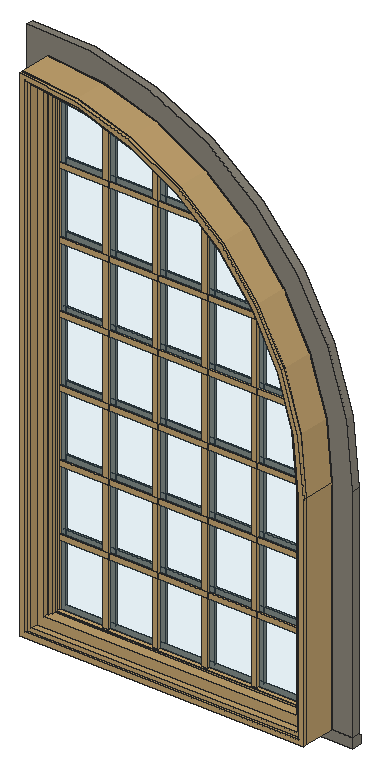
Revit family
Parameters (values of type "CUCART4072")
  Window Type = "Clad Ultimate Casement Round Top RT9"
  URL = "www.marvin.com"
  Subsill Height_2 = if(Subsill A217, 0' 1 11/32", 0' 0 9/16")  # 0' - 1 11/32"
  Subsill Height = if(Subsill A217 Visibility, 0' 1 11/32", if(Subsill A246 Visibility, 0' 0 9/16", 0' 0"))  # 0' - 1 11/32"
  Subsill A246 Visibility = and(Subsill Visibility, Subsill A246)  # no
  Subsill A217 Visibility = and(Subsill Visibility, Subsill A217)  # yes
  Plan Swing Angle [instance] = 15.00°
  Muntins Interior Visibility = yes
  Muntins Interior Material = Wood-Marvin-Pine
  Muntins Exterior Visibility = yes
  Muntins Exterior Material = Aluminum-Marvin-Bronze
  Mask Offset [instance] = if(Inset to Installation Flange = 0' 1 3/32", 0' 0 1/32", 0' 0")  # 0' - 0"
  Lites Wide = 5
  Lites High = 7
  Label Egress = if(and(Width > 2' 3 1/8", Height > 5' 11"), "EGRESS WDW", "")  # "EGRESS WDW"
  Interior Material = Wood-Marvin-Pine
  Frame = "Aluminum Clad"
  Flat Casing Visibility = and(Casing Visibility, Flat Casing)  # yes
  Egress Window = "No"
  Design Pressure = "DP50"
  Daylight Area = (3.1416 * DLO Radius ^ 2) / 4 + ((DLO Height - DLO Radius) * DLO Width) - (0' 2 29/32" * DLO Radius)  # 13.4555 SF
  Cladding Material = Aluminum-Marvin-Bronze
  Casing Width_2 = if(BMC, 0' 1 5/16", 0' 3")  # 0' - 3"
  Casing Visibility = yes
  Subsill Visibility = yes
  Bulge = Radius - (Radius / sqrt(2))  # 0' - 11.71573"
  BMC Visibility = and(Casing Visibility, BMC)  # no
  BMC = no
  Flat Casing = not(BMC)  # yes
  Subsill A246 = no
  Subsill A217 = not(Subsill A246)  # yes
  Plan Swing Visibility [instance] = yes
  Glazing Material = Glass-Marvin-IG Low E II with Argon
  Springline = Height - Radius  # 2' - 7 1/8"
  Radius = Width  # 3' - 4"
  Nominal Width = 3' - 4"
  Nominal Height = 6' - 0"
  Model = "CUCART4072"
  Mask [instance] = Inset to Installation Flange > 0' 1 3/32"  # no
  Manufacturer = "Marvin Windows and Doors"
  Label Visibility = no
  Glass Type = "IG Low E II with Argon"
  Family created by = "www.rbuiltcomponents.com"
  Rough Width = Width + 0' 1"  # 3' - 5"
  Rough Height = Height + 0' 0 1/2"  # 5' - 11 5/8"
  Jamb Extension Visibility = yes
  Inset to Installation Flange [instance] = 0' - 1"
  Height = Nominal Height - 0' 0 7/8"  # 5' - 11 1/8"
  Elev Swing Visibility [instance] = yes
  Description = "4072 CSMT RT9"
  Default Head Height = 8' - 0"
  Wall Closure = (empty or 0)
  Width = Nominal Width  # 3' - 4"
  DLO Radius = Radius - 0' 2 29/32"  # 3' - 1 3/32"
  DLO Width = Width - 0' 5 13/16"  # 2' - 10 3/16"
  DLO Height = Height - 0' 5 13/16"  # 5' - 5 5/16"
  Casing Width = if(BMC Visibility, 0' 1 5/16", if(Flat Casing Visibility, 0' 3", 0' 0"))  # 0' - 3"
  Casing Radius = Radius + Casing Width  # 3' - 7"
  Assembly Code = ""
Reference planes (in)
  plane 1 "Center (Front/Back)": y = 0
  plane 2: z = 0
  plane 3 "Center (Left/Right)": x = -3
  plane 4 "Left": x = -23
  plane 5 "Right": x = 17
  plane 6 "Sill": z = 24.875
  plane 7 "Top": z = 96
  plane 8 "Inset": y = 2
  plane 9 "Glazing": y = 1.53125
  plane 10 "Jamb Ext Face": y = -2.5625
  plane 11: z = 56
  plane 12: z = 60.4375
  plane 13: y = -2.59375
Forms (in)
  Sweep 1, solid, material "Wood-Marvin-Pine" <- "Interior Material"
    path origin (0, 2, 0) x (1, 0, 0) y (0, 0, 1)
      loop
        line (-23, 96) -> (-23, 24.875) -> (17, 24.875) -> (17, 56)
        arc (17, 56) -> (5.28427, 84.28427) -> (-23, 96) r 40
    profile "Profile_Ext_Clad_Frame : Profile_Ext_Clad_Frame" origin (-23, 2, 60.4375) x (1, 0, 0) y (0, -1, 0)
      loop
        line (0, 4.56199) -> (0, 0.0625) -> (0.0625, 0.0625) -> (0.0625, 0) -> (0, 0) -> (0, -1.09401) -> (0.52105, -1.09401) -> (0.6063, 0.125) -> (2.696, 0.125) -> (2.696, 0.22017) -> (2.90625, 0.43042) -> (2.90625, 0.47297) -> (2.208, 0.47297) -> (2.208, 1.50299) -> (2.90625, 1.50299) -> (2.90625, 1.66374) -> (2.677, 1.89299) -> (2.677, 2) -> (2.5005, 2) -> (2.5005, 2.34399) -> (2.313, 2.34399) -> (2.313, 2.87449) -> (2.1255, 2.87449) -> (2.1255, 3.53074) -> (1.188, 3.53074) -> (1.188, 4.56199) -> (0, 4.56199)
  Extrusion 2, solid, material "Glass-Marvin-IG Low E II with Argon" <- "Glazing Material"
    sketch origin (0, 1.53125, 0) x (1, 0, 0) y (0, 0, 1)
      loop
        line (14.792, 27.083) -> (14.792, 56)
        arc (14.792, 56) -> (4.49254, 81.93059) -> (-20.792, 93.72744) r 37.792
        line (-20.792, 93.72744) -> (-20.792, 27.083) -> (14.792, 27.083)
    from 0 to 1.03424
  Extrusion 3, void
    sketch origin (0, 0, 0) x (1, 0, 0) y (0, 0, 1)
      loop
        line (17, 24.875) -> (17, 56)
        arc (17, 56) -> (5.28427, 84.28427) -> (-23, 96) r 40
        line (-23, 96) -> (-23, 24.875) -> (17, 24.875)
    from -2 to 3
  Extrusion 4, void
    sketch origin (0, 0, 0) x (1, 0, 0) y (0, 0, 1)
      loop
        line (20, 23.53125) -> (20, 56)
        arc (20, 56) -> (6.32576, 87.44837) -> (-26, 98.89522) r 43
        line (-26, 98.89522) -> (-26, 23.53125) -> (20, 23.53125)
    from -2 to -3.12756
  Sweep 5, solid, material "Aluminum-Marvin-Bronze" <- "Cladding Material", visible <- "BMC Visibility"
    path origin (0, 2, 0) x (1, 0, 0) y (0, 0, 1)
      loop
        line (17, 24.875) -> (17, 56)
        arc (17, 56) -> (5.28427, 84.28427) -> (-23, 96) r 40
        line (-23, 96) -> (-23, 24.875)
    profile "BMC_Clad : BMC_Clad" origin (-23, 2, 60.4375) x (1, 0, 0) y (0, -1, 0)
      loop
        line (-0.71589, -1.25) -> (-0.38081, -1.09375) -> (0, -1.09375) -> (0, 0) -> (-1.3125, 0) -> (-1.3125, -1.25) -> (-0.71589, -1.25)
  Sweep 6, solid, material "Aluminum-Marvin-Bronze" <- "Cladding Material", visible <- "Flat Casing Visibility"
    path origin (0, 2, 0) x (1, 0, 0) y (0, 0, 1)
      loop
        line (-23, 24.875) -> (-23, 96)
        arc (-23, 96) -> (5.28427, 84.28427) -> (17, 56) r 40
        line (17, 56) -> (17, 24.875)
    profile "Flat_Casing_Clad : Flat_Casing_Clad" origin (17, 2, 40.4375) x (1, 0, 0) y (0, -1, 0)
      loop
        line (3, -1.09375) -> (3, 0) -> (0, 0) -> (0, -1.09375) -> (3, -1.09375)
  Sweep 7, solid, material "Aluminum-Marvin-Bronze" <- "Cladding Material", visible <- "Subsill Visibility"
    path origin (0, 2, 0) x (1, 0, 0) y (0, 0, 1)
      loop
        line (20, 24.875) -> (-26, 24.875)
    profile origin (-3, 2, 24.875) x (0, 0, -1) y (0, -1, 0)
      loop
        line (0, 0) -> (0, -1.09401) -> (0.15265, -1.09401) -> (0.1875, -1.34375) -> (1.34375, -1.34375) -> (1.34375, 0) -> (0, 0)
  Extrusion 8, solid, material "Wood-Marvin-Pine" <- "Interior Material", visible <- "Jamb Extension Visibility"
    sketch origin (0, -2.5625, 0) x (1, 0, 0) y (0, 0, 1)
      loop
        line (-23, 24.875) -> (17, 24.875) -> (17, 56)
        arc (17, 56) -> (5.28427, 84.28427) -> (-23, 96) r 40
        line (-23, 96) -> (-23, 24.875)
      loop
        arc (16.3125, 56.00601) -> (5.04015, 83.56001) -> (-22.3125, 95.3125) r 39.3125
        line (-22.3125, 95.3125) -> (-22.3125, 25.5625) -> (16.3125, 25.5625) -> (16.3125, 56.00601)
    from 0.4375 to 0.03125
  Sweep 9, solid, material "Wood-Marvin-Pine" <- "Interior Material"
    path in 3D
      loop
        line (-20.8745, -1.53074, 27.0005) -> (14.8745, -1.53074, 27.0005)
    profile "Profile_Sill_Close : Profile_Sill_Close" origin (-3, -1.53074, 27.0005) x (0, 1, 0) y (0, 0, 1)
      loop
        line (0, 0) -> (0.65625, 0) -> (0.65625, 0.1875) -> (1.18675, 0.1875) -> (1.18675, 0.375) -> (0, 0.375) -> (0, 0)
Cuts and joins
  joined: Sweep 1, Sweep 9
Lines and regions (in)
  Masking region 1
    outline origin (0, 0, 24.875) x (0, -1, 0) y (1, 0, 0)
      loop
        line (-3.09401, -23) -> (2.5625, -23) -> (2.5625, 17) -> (-3.09401, 17) -> (-3.09401, -23)
  Masking region 2
    outline origin (-3, 0, 0) x (0, 1, 0) y (0, 0, 1)
      loop
        line (3.09375, 96) -> (-2.5625, 96) -> (-2.5625, 24.875) -> (3.09375, 24.875) -> (3.09375, 96)
  Masking region 3, visible <- "Mask"
    outline origin (0, 0, 24.875) x (0, -1, 0) y (1, 0, 0)
      loop
        line (-3.09401, -26) -> (-3, -26) -> (-3, 20) -> (-3.09401, 20) -> (-3.09401, -26)
  Masking region 4, visible <- "Mask"
    outline origin (-3, 0, 0) x (0, 1, 0) y (0, 0, 1)
      loop
        line (3.09375, 99) -> (3, 99) -> (3, 23.53125) -> (3.09375, 23.53125) -> (3.09375, 99)
  Masking region 5, visible <- "Casing Visibility"
    outline origin (0, 0, 24.875) x (0, -1, 0) y (1, 0, 0)
      loop
        line (-3.09401, -26) -> (-2, -26) -> (-2, -23) -> (-3.09401, -23) -> (-3.09401, -26)
      loop
        line (-3.09401, 17) -> (-2, 17) -> (-2, 20) -> (-3.09401, 20) -> (-3.09401, 17)
  Masking region 6, visible <- "Subsill Visibility"
    outline origin (-3, 0, 0) x (0, 1, 0) y (0, 0, 1)
      loop
        line (3.34375, 23.53125) -> (3.34375, 24.6875) -> (3.09401, 24.72235) -> (3.09401, 24.875) -> (2, 24.875) -> (2, 23.53125) -> (3.34375, 23.53125)
  Masking region 7, visible <- "Casing Visibility"
    outline origin (-3, 0, 0) x (0, 1, 0) y (0, 0, 1)
      loop
        line (3.09375, 99) -> (2, 99) -> (2, 96) -> (3.09375, 96) -> (3.09375, 99)
  Masking region 8
    outline origin (0, 0, 24.875) x (0, -1, 0) y (1, 0, 0)
      loop
        line (2.59375, -23) -> (3, -23) -> (3, 17) -> (2.59375, 17) -> (2.59375, -23)
  Masking region 9
    outline origin (-3, 0, 0) x (0, 1, 0) y (0, 0, 1)
      loop
        line (-2.59375, 96) -> (-3, 96) -> (-3, 24.875) -> (-2.59375, 24.875) -> (-2.59375, 96)
  symbolic lines, style "Jamb Extension", visible <- "Jamb Extension Visibility", detail levels fine
    curve 1: line (-3, -3, 95.3125) -> (-3, -2.59375, 95.3125)
    curve 2: line (-3, -3, 25.5625) -> (-3, -2.59375, 25.5625)
    curve 49: line (-22.3125, -2.59375, 24.875) -> (-22.3125, -3, 24.875)
    curve 50: line (16.3125, -3, 24.875) -> (16.3125, -2.59375, 24.875)
    curve 51: line (17, -3, 24.875) -> (16.3125, -3, 24.875)
    curve 52: line (-22.3125, -3, 24.875) -> (-23, -3, 24.875)
  symbolic lines, style "WindowsFrameMullionProjection", detail levels coarse+medium
    curve 3: line (17, -2.5625, 24.875) -> (15.812, -2.5625, 24.875)
    curve 4: line (15.812, -2.5625, 24.875) -> (15.812, 3.09401, 24.875)
    curve 5: line (15.812, 3.09401, 24.875) -> (17, 3.09401, 24.875)
    curve 6: line (15.812, 1.875, 24.875) -> (14.09375, 1.875, 24.875)
    curve 7: line (14.09375, 1.875, 24.875) -> (14.09375, 0, 24.875)
    curve 8: line (-21.812, 0, 24.875) -> (-20.09375, 0, 24.875)
    curve 9: line (-23, -2.5625, 24.875) -> (-21.812, -2.5625, 24.875)
    curve 10: line (-21.812, -2.5625, 24.875) -> (-21.812, 3.09401, 24.875)
    curve 11: line (-21.812, 3.09401, 24.875) -> (-23, 3.09401, 24.875)
    curve 12: line (-20.09375, 1.875, 24.875) -> (-20.09375, 0, 24.875)
    curve 13: line (-3, 3.09401, 96) -> (-3, 3.09401, 94.812)
    curve 14: line (-3, 3.09401, 94.812) -> (-3, -2.5625, 94.812)
    curve 15: line (-3, -2.5625, 94.812) -> (-3, -2.5625, 96)
    curve 16: line (-3, 1.875, 94.812) -> (-3, 1.875, 93.09375)
    curve 17: line (-3, 1.875, 93.09375) -> (-3, 0, 93.09375)
    curve 18: line (-3, 0, 26.063) -> (-3, 0, 27.78125)
    curve 19: line (-3, 3.09401, 24.875) -> (-3, 3.09401, 26.063)
    curve 20: line (-3, 3.09401, 26.063) -> (-3, -2.5625, 26.063)
    curve 21: line (-3, -2.5625, 26.063) -> (-3, -2.5625, 24.875)
    curve 22: line (-3, 1.875, 27.78125) -> (-3, 0, 27.78125)
    curve 23: line (14.09375, 1.875, 24.875) -> (-20.09375, 1.875, 24.875)
    curve 24: line (14.09375, 0, 24.875) -> (15.812, 0, 24.875)
    curve 25: line (-20.09375, 1.875, 24.875) -> (-21.812, 1.875, 24.875)
    curve 26: line (-3, 0, 27.78125) -> (-3, 0, 93.09375)
    curve 27: line (-3, 1.875, 27.78125) -> (-3, 1.875, 26.063)
    curve 28: line (-3, 0, 93.09375) -> (-3, 0, 94.812)
    curve 29: line (-3, 1.875, 93.09375) -> (-3, 1.875, 27.78125)
    curve 38: line (-20.09375, 0, 24.875) -> (14.09375, 0, 24.875)
    curve 73: line (-3, -3, 96) -> (-3, 3.09375, 96)
    curve 84: line (-23, 3.09375, 24.875) -> (-23, -3, 24.875)
    curve 85: line (17, -3, 24.875) -> (17, 3.09375, 24.875)
  symbolic lines, style "Jamb Extension", visible <- "Jamb Extension Visibility"
    curve 30: line (-3, -3, 25.5625) -> (-3, -3, 24.875)
    curve 31: line (-3, -3, 95.3125) -> (-3, -3, 96)
  symbolic lines, style "WindowsFrameMullionProjection", visible <- "Jamb Extension Visibility", detail levels coarse+medium
    curve 32: line (-3, -2.59375, 95.3125) -> (-3, -3, 95.3125)
    curve 33: line (-3, -3, 95.3125) -> (-3, -3, 96)
    curve 34: line (-3, -2.59375, 25.5625) -> (-3, -3, 25.5625)
    curve 35: line (-3, -3, 25.5625) -> (-3, -3, 24.875)
    curve 53: line (-22.3125, -2.59375, 24.875) -> (-22.3125, -3, 24.875)
    curve 54: line (-23, -3, 24.875) -> (-22.3125, -3, 24.875)
    curve 55: line (16.3125, -3, 24.875) -> (16.3125, -2.59375, 24.875)
    curve 56: line (16.3125, -3, 24.875) -> (17, -3, 24.875)
  symbolic lines, style "Elevation Swing", visible <- "Elev Swing Visibility"
    curve 36: line (-22.3937, 0, 60.43517) -> (16.3937, 0, 25.4813)
    curve 91: line (-22.3937, 0, 60.43517) -> (5.28427, 0, 84.28427)
  symbolic lines, style "WindowsGlassProjection", detail levels coarse+medium
    curve 37: line (-20.09375, 0.9375, 24.875) -> (14.09375, 0.9375, 24.875)
    curve 69: line (-3, 0.9375, 27.78125) -> (-3, 0.9375, 93.09375)
  symbolic lines, style "Jamb Extension", visible <- "BMC Visibility", detail levels fine
    curve 39: line (-24.3125, 3.25, 24.875) -> (-23.71589, 3.25, 24.875)
    curve 40: line (-23.71589, 3.25, 24.875) -> (-23.38081, 3.09375, 24.875)
    curve 41: line (-24.3125, 3.09401, 24.875) -> (-24.3125, 3.25, 24.875)
    curve 42: line (17.71589, 3.25, 24.875) -> (18.3125, 3.25, 24.875)
    curve 43: line (17.38081, 3.09375, 24.875) -> (17.71589, 3.25, 24.875)
    curve 44: line (18.3125, 3.25, 24.875) -> (18.3125, 3.09401, 24.875)
    curve 45: line (-23.38081, 3.09375, 24.875) -> (-23, 3.09375, 24.875)
    curve 46: line (17.38081, 3.09375, 24.875) -> (17, 3.09375, 24.875)
    curve 75: line (-3, 3.25, 96.65144) -> (-3, 3.25, 99)
    curve 76: line (-3, 3.09375, 96) -> (-3, 3.09375, 96.38081)
    curve 77: line (-3, 3.09375, 96.38081) -> (-3, 3.25, 96.65144)
    curve 78: line (-3, 3.25, 99) -> (-3, 3.09375, 99)
  symbolic lines, style "Jamb Extension", visible <- "Flat Casing Visibility", detail levels fine
    curve 47: line (-23, 3.09401, 24.875) -> (-26, 3.09401, 24.875)
    curve 48: line (20, 3.09401, 24.875) -> (17, 3.09401, 24.875)
    curve 82: line (-3, 3.09375, 96) -> (-3, 3.09375, 99)
    curve 83: line (-3, 3.09375, 99) -> (-3, 2, 99)
  symbolic lines, style "WindowsFrameMullionProjection", visible <- "BMC Visibility", detail levels coarse+medium
    curve 57: line (-24.3125, 2, 24.875) -> (-24.3125, 3.25, 24.875)
    curve 58: line (-24.3125, 3.25, 24.875) -> (-23.71589, 3.25, 24.875)
    curve 59: line (-23.71589, 3.25, 24.875) -> (-23.38081, 3.09375, 24.875)
    curve 60: line (-23.38081, 3.09375, 24.875) -> (-23, 3.09375, 24.875)
    curve 61: line (18.3125, 3.25, 24.875) -> (18.3125, 2, 24.875)
    curve 62: line (17.38081, 3.09375, 24.875) -> (17.71589, 3.25, 24.875)
    curve 63: line (17.71589, 3.25, 24.875) -> (18.3125, 3.25, 24.875)
    curve 64: line (17, 3.09375, 24.875) -> (17.38081, 3.09375, 24.875)
    curve 70: line (-3, 3.25, 96.65144) -> (-3, 3.25, 99)
    curve 71: line (-3, 3.09375, 96) -> (-3, 3.09375, 96.38081)
    curve 72: line (-3, 3.09375, 96.38081) -> (-3, 3.25, 96.65144)
    curve 74: line (-3, 3.25, 99) -> (-3, 2, 99)
  symbolic lines, style "WindowsFrameMullionProjection", visible <- "Flat Casing Visibility", detail levels coarse+medium
    curve 65: line (20, 3.09401, 24.875) -> (17, 3.09401, 24.875)
    curve 66: line (20, 3.09401, 24.875) -> (20, 2, 24.875)
    curve 67: line (-26, 2, 24.875) -> (-26, 3.09401, 24.875)
    curve 68: line (-23, 3.09401, 24.875) -> (-26, 3.09401, 24.875)
    curve 80: line (-3, 3.09375, 96) -> (-3, 3.09375, 99)
    curve 81: line (-3, 3.09375, 99) -> (-3, 2, 99)
  symbolic lines, style "WindowsFrameMullionProjection", visible <- "Casing Visibility", detail levels coarse+medium
    curve 79: line (-3, 2, 99) -> (-3, 2, 96)
  symbolic lines, style "WindowsFrameMullionProjection", visible <- "Subsill Visibility", detail levels coarse+medium
    curve 86: line (-3, 3.09401, 24.72235) -> (-3, 3.09401, 24.875)
    curve 87: line (-3, 3.34375, 24.6875) -> (-3, 3.09401, 24.72235)
    curve 88: line (-3, 3.34375, 23.53125) -> (-3, 3.34375, 24.6875)
    curve 89: line (-3, 2, 23.53125) -> (-3, 3.34375, 23.53125)
  sketch lines
    curve 90: line (-20.8745, -1.53074, 27.0005) -> (14.8745, -1.53074, 27.0005)
  reference lines
    curve 92: line (17, 2, 56) -> (-23, 2, 96)
    curve 93: arc (17, 2, 56) -> (5.28427, 2, 84.28427) -> (-23, 2, 96) r 40
    curve 94: line (-3, 2, 76) -> (5.28427, 2, 84.28427)
Text (in)
  text "EXTERIOR" at (-58.6888, 50.90694, 0), in view "Ref. Level"
  text "INTERIOR" at (-58.6888, -37.76638, 0), in view "Ref. Level"
  text "Exterior" at (0, 43.65631, 123.19604), in view "Left"
  text "Exterior" at (0, 18.29385, 125.04747), in view "Right"
Dimensions and locks (in)
  equal spacing: plane 4 "Left", plane 3 "Center (Left/Right)", plane 5 "Right"
  "Width": plane 4 "Left" to plane 5 "Right"
  "Height": plane 6 "Sill" to plane 7 "Top"
  "Inset to Installation Flange": host wall to plane 8 "Inset"
  locked: plane 9 "Glazing" to plane 8 "Inset" at 0.46875
  locked: plane 10 "Jamb Ext Face" to plane 8 "Inset" at 4.5625
  "Default Head Height": plane 2 to plane 7 "Top"
  locked: nested 2 to host wall at 12.00106
  locked: plane 9 "Glazing" to Extrusion 2 at 1.03424
  "Springline": plane 6 "Sill" to plane 11
  locked: curve 32 to plane 7 "Top" at 0.6875
  locked: plane 6 "Sill" to curve 34 at 0.6875
  equal spacing: plane 6 "Sill", plane 12, plane 7 "Top"
  "Subsill Height": Extrusion 4 sketch curve to plane 6 "Sill"
  "Casing Width": Extrusion 4 sketch curve to plane 4 "Left"
  "Casing Width": plane 5 "Right" to Extrusion 4 sketch curve
  "Casing Width": plane 5 "Right" to Sweep 7 sketch curve
  "Casing Width": Sweep 7 sketch curve to plane 4 "Left"
  locked: Sweep 7 sketch curve to Sweep 7 sketch curve at 1.34375
  "Subsill Height_2": Sweep 7 sketch curve to plane 6 "Sill"
  locked: plane 4 "Left" to Extrusion 8 sketch curve at 0.6875
  locked: Extrusion 8 sketch curve to plane 5 "Right" at 0.6875
  locked: Extrusion 8 sketch curve to plane 6 "Sill" at 0.6875
  "Casing Width": Masking region 3 sketch curve to plane 4 "Left"
  "Casing Width": plane 5 "Right" to Masking region 3 sketch curve
  "Casing Width_2": Masking region 5 sketch curve to plane 4 "Left"
  "Casing Width_2": plane 5 "Right" to Masking region 5 sketch curve
  locked: Extrusion 4 to host wall at 0.12756
  "Subsill Height": Masking region 4 sketch curve to plane 6 "Sill"
  "Casing Width": plane 7 "Top" to Masking region 4 sketch curve
  "Casing Width_2": plane 7 "Top" to Masking region 7 sketch curve
  locked: nested 5 to plane 9 "Glazing" at 1.03125
  locked: Extrusion 8 sketch curve to plane 7 "Top" at 0.6875
  locked: plane 13 to plane 10 "Jamb Ext Face" at 0.03125
  "Mask Offset": Masking region 3 sketch curve to host wall
  "Mask Offset": Masking region 4 sketch curve to host wall
  "Radius": radius of Sweep 1 sketch curve
  "Radius": radius of Extrusion 3 sketch curve
  "Radius": radius of Sweep 6 sketch curve
  "Casing Radius": radius of Extrusion 4 sketch curve
  "Radius": radius of Sweep 5 sketch curve
  "Radius": radius of Extrusion 8 sketch curve
  "Radius": radius of curve 93
  aligned and locked: nested 1 to plane 3 "Center (Left/Right)"
  aligned and locked: plane 8 "Inset" to nested 1
  aligned and locked: Sweep 1 sketch curve to plane 6 "Sill"
  aligned and locked: plane 5 "Right" to Sweep 1 sketch curve
  aligned and locked: plane 5 "Right" to Masking region 1 sketch curve
  aligned and locked: Masking region 1 sketch curve to plane 4 "Left"
  aligned and locked: plane 7 "Top" to Masking region 2 sketch curve
  aligned and locked: Masking region 2 sketch curve to plane 6 "Sill"
  aligned and locked: plane 3 "Center (Left/Right)" to nested 2
  aligned and locked: curve 21 to plane 10 "Jamb Ext Face"
  aligned and locked: plane 6 "Sill" to curve 30
  aligned and locked: curve 30 to host wall
  aligned and locked: host wall to curve 33
  aligned and locked: plane 6 "Sill" to curve 35
  aligned and locked: Extrusion 2 to plane 9 "Glazing"
  aligned and locked: plane 9 "Glazing" to Extrusion 2
  aligned and locked: nested 3 to plane 6 "Sill"
  aligned and locked: curve 14 to nested 3
  aligned and locked: curve 13 to nested 3
  aligned and locked: curve 16 to nested 3
  aligned and locked: curve 28 to nested 3
  aligned and locked: curve 17 to nested 3
  aligned and locked: curve 19 to nested 3
  aligned and locked: curve 20 to nested 3
  aligned and locked: curve 22 to nested 3
  aligned and locked: curve 27 to nested 3
  aligned and locked: nested 3 to curve 18
  aligned and locked: Sweep 1 to Extrusion 2 sketch curve
  aligned and locked: Extrusion 2 sketch curve to Sweep 1
  aligned and locked: Extrusion 3 to plane 8 "Inset"
  aligned and locked: host wall to Extrusion 3
  aligned and locked: plane 5 "Right" to Extrusion 3 sketch curve
  aligned and locked: Extrusion 3 sketch curve to plane 6 "Sill"
  aligned and locked: Extrusion 3 sketch curve to plane 4 "Left"
  aligned and locked: plane 5 "Right" to Sweep 5 sketch curve
  aligned and locked: Sweep 5 sketch curve to plane 4 "Left"
  aligned and locked: plane 6 "Sill" to Sweep 5 sketch curve  (x2)
  aligned and locked: plane 11 to Sweep 5 sketch curve
  aligned and locked: plane 11 to Sweep 6 sketch curve
  aligned and locked: plane 6 "Sill" to Sweep 6 sketch curve  (x2)
  aligned and locked: Sweep 6 sketch curve to plane 4 "Left"
  aligned and locked: plane 6 "Sill" to Sweep 7 sketch curve  (x2)
  aligned and locked: Sweep 7 sketch curve to plane 8 "Inset"
  aligned and locked: Extrusion 8 sketch curve to plane 4 "Left"
  aligned and locked: Extrusion 8 sketch curve to plane 6 "Sill"
  aligned and locked: plane 5 "Right" to Extrusion 8 sketch curve
  aligned and locked: host wall to Extrusion 8
  aligned and locked: Masking region 3 sketch curve to Sweep 1
  aligned and locked: Masking region 1 sketch curve to Sweep 1
  aligned and locked: plane 4 "Left" to Masking region 5 sketch curve
  aligned and locked: Masking region 5 sketch curve to Sweep 1  (x2)
  aligned and locked: Masking region 5 sketch curve to plane 8 "Inset"  (x2)
  aligned and locked: Masking region 5 sketch curve to plane 5 "Right"
  aligned and locked: curve 7 to curve 37
  aligned and locked: curve 12 to curve 38
  aligned and locked: curve 8 to curve 38
  aligned and locked: curve 39 to Sweep 5
  aligned and locked: Sweep 5 to curve 40
  aligned and locked: Sweep 5 to curve 41
  aligned and locked: Sweep 1 to curve 41
  aligned and locked: curve 43 to Sweep 5
  aligned and locked: curve 44 to Sweep 1
  aligned and locked: curve 46 to Sweep 5
  aligned and locked: plane 5 "Right" to curve 46
  aligned and locked: curve 47 to Masking region 5
  aligned and locked: plane 8 "Inset" to Extrusion 4
  aligned and locked: curve 49 to Extrusion 8
  aligned and locked: curve 51 to Extrusion 8
  aligned and locked: Extrusion 8 to curve 53  (x2)
  aligned and locked: curve 55 to Extrusion 8
  aligned and locked: curve 57 to Sweep 5
  aligned and locked: curve 60 to Sweep 5
  aligned and locked: curve 61 to Sweep 5
  aligned and locked: curve 65 to Masking region 5
  aligned and locked: curve 66 to Sweep 6
  aligned and locked: curve 67 to Sweep 6
  aligned and locked: Masking region 2 sketch curve to Sweep 6
  aligned and locked: nested 3 to plane 8 "Inset"
  aligned and locked: Masking region 4 sketch curve to Sweep 6
  aligned and locked: Masking region 6 sketch curve to Sweep 7  (x6)
  aligned and locked: Masking region 7 sketch curve to plane 7 "Top"
  aligned and locked: Masking region 7 sketch curve to plane 8 "Inset"
  aligned and locked: Masking region 7 sketch curve to Sweep 6
  aligned and locked: Sweep 5 to curve 71
  aligned and locked: curve 73 to nested 3
  aligned and locked: curve 74 to Masking region 7
  aligned and locked: Sweep 5 to curve 75
  aligned and locked: curve 79 to Sweep 5
  aligned and locked: curve 83 to Masking region 7
  aligned and locked: curve 84 to Sweep 6
  aligned and locked: curve 85 to Sweep 6
  aligned and locked: plane 12 to nested 4
  aligned and locked: nested 5 to plane 12
  aligned and locked: nested 4 to plane 3 "Center (Left/Right)"
  aligned and locked: plane 3 "Center (Left/Right)" to nested 5
  aligned and locked: plane 9 "Glazing" to nested 4
  aligned and locked: curve 86 to Sweep 7
  aligned and locked: curve 87 to Sweep 7
  aligned and locked: curve 88 to Sweep 7
  aligned and locked: curve 89 to Sweep 7
  aligned and locked: plane 11 to Sweep 1 sketch curve
  aligned and locked: plane 4 "Left" to Sweep 1 sketch curve
  aligned and locked: plane 11 to Extrusion 3 sketch curve
  aligned and locked: plane 4 "Left" to Extrusion 3 sketch curve
  aligned and locked: plane 7 "Top" to Sweep 6 sketch curve
  aligned and locked: plane 4 "Left" to Sweep 6 sketch curve
  aligned and locked: plane 4 "Left" to Extrusion 4 sketch curve
  aligned and locked: plane 11 to Extrusion 4 sketch curve  (x2)
  aligned and locked: plane 7 "Top" to Sweep 5 sketch curve
  aligned and locked: plane 4 "Left" to Sweep 5 sketch curve
  aligned and locked: plane 7 "Top" to Extrusion 8 sketch curve
  aligned and locked: plane 4 "Left" to Extrusion 8 sketch curve
  aligned and locked: Extrusion 2 sketch curve to cut or joined group of Sweep 1, Sweep 9  (x2)
  aligned and locked: curve 25 to nested 1
  aligned and locked: curve 8 to cut or joined group of Sweep 1, Sweep 9
  aligned and locked: curve 6 to nested 1
  aligned and locked: cut or joined group of Sweep 1, Sweep 9 to curve 24
  aligned and locked: cut or joined group of Sweep 1, Sweep 9 to curve 36  (x2)
  aligned and locked: plane 4 "Left" to curve 92
  aligned and locked: plane 11 to curve 93  (x2)
  aligned and locked: plane 5 "Right" to curve 93
  aligned and locked: curve 94 to curve 91
  aligned and locked: curve 91 to curve 94
  aligned and locked: host wall to curve 84
  aligned and locked: Extrusion 8 to curve 49
  aligned and locked: Extrusion 8 to curve 55
  aligned and locked: Extrusion 8 to curve 50
  aligned and locked: Masking region 1 sketch curve to plane 10 "Jamb Ext Face"
  aligned and locked: Masking region 8 sketch curve to plane 4 "Left"
  aligned and locked: plane 5 "Right" to Masking region 8 sketch curve
  aligned and locked: plane 13 to Masking region 8 sketch curve
  aligned and locked: Masking region 8 sketch curve to host wall
  aligned and locked: Masking region 2 sketch curve to plane 10 "Jamb Ext Face"
  aligned and locked: Extrusion 8 to curve 32
  aligned and locked: Extrusion 8 to curve 1
  aligned and locked: Extrusion 8 to curve 34
  aligned and locked: Extrusion 8 to curve 2
  aligned and locked: Extrusion 8 to plane 13
  aligned and locked: plane 7 "Top" to Masking region 9 sketch curve
  aligned and locked: Masking region 9 sketch curve to plane 6 "Sill"
  aligned and locked: plane 13 to Masking region 9 sketch curve
  aligned and locked: Masking region 9 sketch curve to host wall
Automatic sketch dimensions
  Sweep 7 sketch curve to Sweep 7 sketch curve = 0' - 0.15265"
  Sweep 7 sketch curve to Sweep 7 sketch curve = 0' - 0.03485"
  Sweep 7 sketch curve to Sweep 7 sketch curve = 0' - 0.24974"
  curve 94 to plane 3 "Center (Left/Right)" = 0' - 0"
  plane 12 to curve 91 = 0' - 0.00233"
  plane 5 "Right" to curve 36 = 0' - 0.6063"
  curve 61 to plane 8 "Inset" = 0' - 0"
  curve 67 to plane 8 "Inset" = 0' - 0"
  curve 57 to plane 8 "Inset" = 0' - 0"
  curve 66 to plane 8 "Inset" = 0' - 0"
  curve 11 to plane 4 "Left" = 0' - 0"
  curve 48 to plane 5 "Right" = 0' - 0"
  curve 61 to curve 44 = 0' - 0.15599"
  plane 9 "Glazing" to curve 37 = 0' - 0 19/32"
  curve 8 to plane 4 "Left" = 0' - 1.188"
  curve 25 to curve 12 = 0' - 1.71825"
  plane 5 "Right" to curve 38 = 0' - 2 29/32"
  curve 4 to curve 50 = 0' - 0.5005"
  curve 3 to plane 10 "Jamb Ext Face" = 0' - 0"
  curve 9 to plane 10 "Jamb Ext Face" = 0' - 0"
  curve 15 to plane 10 "Jamb Ext Face" = 0' - 0"
  curve 89 to plane 8 "Inset" = 0' - 0"
  curve 21 to plane 6 "Sill" = 0' - 0"
  curve 86 to plane 6 "Sill" = 0' - 0"
  curve 13 to plane 7 "Top" = 0' - 0"
  curve 79 to plane 7 "Top" = 0' - 0"
  plane 9 "Glazing" to curve 69 = 0' - 0 19/32"
  curve 71 to curve 71 = 0' - 0.38081"
  curve 71 to curve 70 = 0' - 0.27063"
Nested families (in)
  nested 1: "Roundtop_Plan_Detail" at (-3, 2, 24.875) x (-1, 0, 0) z (0, 0, -1), type "Roundtop_Plan_Detail"
    with Width 3' - 4", Plan Swing Length 3' - 1 5/8", Plan Swing LH no
  nested 2: "Label Annotation 1-16 w" at (-3, 15.00106, 0), visible <- "Label Visibility", type "Label Annotation 1-16 w"
  nested 3: "Roundtop_Section_Detail" at (-3, 2, 24.875) x (0, -1, 0) z (1, 0, 0), type "Roundtop_Section_Detail", detail levels fine
    with Height 5' - 11 1/8"
  nested 4: "Muntins" at (-3, 1.53125, -8.21875), Muntin Material <- "Muntins Exterior Material", visible <- "Muntins Exterior Visibility", type "Muntins"
    with Muntin Material Aluminum-Marvin-Bronze
  nested 5: "Muntins" at (-3, 0.5, -8.21875), Muntin Material <- "Muntins Interior Material", visible <- "Muntins Interior Visibility", type "Muntins"
    with Muntin Material Wood-Marvin-Pine
Definition of nested family "Muntins"
  Parameters (values of type "Muntins")
    Springline = 2' - 7 1/8"
    Muntin Radius = Width + 0' 2 7/16"  # 3' - 1 5/16"
    GlazingWidth = 2' - 10 3/16"
    GlazingHeight = 5' - 5 5/16"
    Width = GlazingWidth + 0' 0 11/16"  # 2' - 10 7/8"
    VerticalMuntins = if(LitesHorizontal < 3, 2, LitesHorizontal - 1)  # 4
    VertMuntVisible = LitesHorizontal > 2  # yes
    MuntinWidth = 0' - 0 3/4"
    MuntinDepth = 0' - 0 1/4"
    Muntin Material [instance] = none
    LitesVertical = 7
    LitesHorizontal = 5
    HorizontalMuntins = if(LitesVertical < 3, 2, LitesVertical - 1)  # 6
    HorizMuntVisible = LitesVertical > 2  # yes
    Height = GlazingHeight + 0' 0 7/16"  # 5' - 5 3/4"
    Inset Vert = if(LitesHorizontal < 3, (Width / 3) - (MuntinWidth / 2), (Width / LitesHorizontal) - (MuntinWidth / 2))  # 0' - 6.6"
    Inset Horiz = if(LitesVertical < 3, (Height / 3) - (MuntinWidth / 2), (Height / LitesVertical) - (MuntinWidth / 2))  # 0' - 9.01786"
    CenterMuntinVertical = LitesHorizontal = 2  # no
    CenterMuntinHorizontal = LitesVertical = 2  # no
    Assembly Code = ""
  Reference planes (in)
    plane 1 "Center (Front/Back)": y = 0
    plane 2: z = 0
    plane 3 "Center (Left/Right)": x = 0
    plane 4: z = 35.78125
    plane 5: z = 68.65625
    plane 6: z = 101.53125
    plane 7: z = 92.51339
    plane 8: z = 44.79911
    plane 9: z = 101.3125
    plane 10: z = 36
    plane 11: x = -17.09375
    plane 12: x = 17.09375
    plane 13: x = -10.8375
    plane 14: x = -17.4375
    plane 15: x = 17.4375
    plane 16: x = 10.8375
    plane 17: z = 33.09375
    plane 18: z = 64.21875
    plane 19: x = -20
    plane 20: x = 20
    plane 21: z = 104.21875
  Forms (in)
    Extrusion 1, solid, material <- "Muntin Material", visible <- "CenterMuntinVertical", detail levels medium+fine
      sketch origin (9, 0, 0) x (1, 0, 0) y (0, 0, 1)
        loop
          line (-9.375, 101.53125) -> (-9.375, 35.78125) -> (-8.625, 35.78125) -> (-8.625, 101.53125) -> (-9.375, 101.53125)
      from 0 to 0.25 <- "MuntinDepth"
    Extrusion 2, solid, material <- "Muntin Material", visible <- "CenterMuntinHorizontal", detail levels medium+fine
      sketch origin (-0.0013, 0, 14.6875) x (1, 0, 0) y (0, 0, 1)
        loop
          line (-17.4362, 54.34375) -> (-17.4362, 53.59375) -> (17.4388, 53.59375) -> (17.4388, 54.34375) -> (-17.4362, 54.34375)
      from 0 to 0.25 <- "MuntinDepth"
    Extrusion 3, solid, material <- "Muntin Material", visible <- "VertMuntVisible", detail levels medium+fine
      sketch origin (-0.44762, 0, -2.90625) x (1, 0, 0) y (0, 0, 1)
        loop
          line (-10.38988, 104.4375) -> (-10.38988, 38.6875) -> (-9.63988, 38.6875) -> (-9.63988, 104.4375) -> (-10.38988, 104.4375)
      from 0 to 0.25 <- "MuntinDepth"
    Extrusion 4, solid, material <- "Muntin Material", visible <- "HorizMuntVisible", detail levels medium+fine
      sketch origin (2.1224, 0, -1.09821) x (1, 0, 0) y (0, 0, 1)
        loop
          line (-19.5599, 46.64732) -> (-19.5599, 45.89732) -> (15.3151, 45.89732) -> (15.3151, 46.64732) -> (-19.5599, 46.64732)
      from 0 to 0.25 <- "MuntinDepth"
    Extrusion 5, solid, material <- "Muntin Material", visible <- "CenterMuntinVertical", detail levels coarse
      sketch origin (9, 0, 0) x (1, 0, 0) y (0, 0, 1)
        loop
          line (-9.03125, 101.53125) -> (-9.03125, 35.78125) -> (-8.96875, 35.78125) -> (-8.96875, 101.53125) -> (-9.03125, 101.53125)
      from 0 to 0.0625
    Extrusion 6, solid, material <- "Muntin Material", visible <- "VertMuntVisible", detail levels coarse
      sketch origin (-0.46324, 0, 0) x (1, 0, 0) y (0, 0, 1)
        loop
          line (-10.01488, 101.53125) -> (-10.01488, 35.78125) -> (-9.98363, 35.78125) -> (-9.98363, 101.53125) -> (-10.01488, 101.53125)
      from 0 to 0.0625
    Extrusion 7, solid, material <- "Muntin Material", visible <- "CenterMuntinHorizontal", detail levels coarse
      sketch origin (-0.0013, 0, 14.6875) x (1, 0, 0) y (0, 0, 1)
        loop
          line (-17.4362, 54) -> (-17.4362, 53.9375) -> (17.4388, 53.9375) -> (17.4388, 54) -> (-17.4362, 54)
      from 0 to 0.0625
    Extrusion 8, solid, material <- "Muntin Material", visible <- "HorizMuntVisible", detail levels coarse
      sketch origin (-3.8763, 0, -3.73884) x (1, 0, 0) y (0, 0, 1)
        loop
          line (-13.5612, 48.95982) -> (-13.5612, 48.89732) -> (21.3138, 48.89732) -> (21.3138, 48.95982) -> (-13.5612, 48.95982)
      from 0 to 0.0625
    Extrusion 9, solid, material <- "Muntin Material", visible <- "VertMuntVisible", detail levels medium+fine
      sketch origin (20.47738, 0, -2.90625) x (1, 0, 0) y (0, 0, 1)
        loop
          line (-10.38988, 104.4375) -> (-10.38988, 38.6875) -> (-9.63988, 38.6875) -> (-9.63988, 104.4375) -> (-10.38988, 104.4375)
      from 0 to 0.25 <- "MuntinDepth"
    Extrusion 10, solid, material <- "Muntin Material", visible <- "VertMuntVisible", detail levels coarse
      sketch origin (20.46176, 0, 0) x (1, 0, 0) y (0, 0, 1)
        loop
          line (-10.01488, 101.53125) -> (-10.01488, 35.78125) -> (-9.98363, 35.78125) -> (-9.98363, 101.53125) -> (-10.01488, 101.53125)
      from 0 to 0.0625
    Extrusion 11, solid, material <- "Muntin Material", visible <- "VertMuntVisible", detail levels medium+fine
      sketch origin (6.52738, 0, -2.90625) x (1, 0, 0) y (0, 0, 1)
        loop
          line (-10.38988, 104.4375) -> (-10.38988, 38.6875) -> (-9.63988, 38.6875) -> (-9.63988, 104.4375) -> (-10.38988, 104.4375)
      from 0 to 0.25 <- "MuntinDepth"
    Extrusion 12, solid, material <- "Muntin Material", visible <- "VertMuntVisible", detail levels coarse
      sketch origin (6.51176, 0, 0) x (1, 0, 0) y (0, 0, 1)
        loop
          line (-10.01488, 101.53125) -> (-10.01488, 35.78125) -> (-9.98363, 35.78125) -> (-9.98363, 101.53125) -> (-10.01488, 101.53125)
      from 0 to 0.0625
    Extrusion 13, solid, material <- "Muntin Material", visible <- "HorizMuntVisible", detail levels medium+fine
      sketch origin (2.1224, 0, 45.86607) x (1, 0, 0) y (0, 0, 1)
        loop
          line (-19.5599, 46.64732) -> (-19.5599, 45.89732) -> (15.3151, 45.89732) -> (15.3151, 46.64732) -> (-19.5599, 46.64732)
      from 0 to 0.25 <- "MuntinDepth"
    Extrusion 14, solid, material <- "Muntin Material", visible <- "HorizMuntVisible", detail levels coarse
      sketch origin (-3.8763, 0, 43.22545) x (1, 0, 0) y (0, 0, 1)
        loop
          line (-13.5612, 48.95982) -> (-13.5612, 48.89732) -> (21.3138, 48.89732) -> (21.3138, 48.95982) -> (-13.5612, 48.95982)
      from 0 to 0.0625
    Extrusion 15, solid, material <- "Muntin Material", visible <- "HorizMuntVisible", detail levels medium+fine
      sketch origin (2.1224, 0, 8.29464) x (1, 0, 0) y (0, 0, 1)
        loop
          line (-19.5599, 46.64732) -> (-19.5599, 45.89732) -> (15.3151, 45.89732) -> (15.3151, 46.64732) -> (-19.5599, 46.64732)
      from 0 to 0.25 <- "MuntinDepth"
    Extrusion 16, solid, material <- "Muntin Material", visible <- "HorizMuntVisible", detail levels coarse
      sketch origin (-3.8763, 0, 5.65402) x (1, 0, 0) y (0, 0, 1)
        loop
          line (-13.5612, 48.95982) -> (-13.5612, 48.89732) -> (21.3138, 48.89732) -> (21.3138, 48.95982) -> (-13.5612, 48.95982)
      from 0 to 0.0625
    Extrusion 17, solid, material <- "Muntin Material", visible <- "HorizMuntVisible", detail levels medium+fine
      sketch origin (2.1224, 0, 17.6875) x (1, 0, 0) y (0, 0, 1)
        loop
          line (-19.5599, 46.64732) -> (-19.5599, 45.89732) -> (15.3151, 45.89732) -> (15.3151, 46.64732) -> (-19.5599, 46.64732)
      from 0 to 0.25 <- "MuntinDepth"
    Extrusion 18, solid, material <- "Muntin Material", visible <- "HorizMuntVisible", detail levels coarse
      sketch origin (-3.8763, 0, 15.04687) x (1, 0, 0) y (0, 0, 1)
        loop
          line (-13.5612, 48.95982) -> (-13.5612, 48.89732) -> (21.3138, 48.89732) -> (21.3138, 48.95982) -> (-13.5612, 48.95982)
      from 0 to 0.0625
    Extrusion 19, solid, material <- "Muntin Material", visible <- "VertMuntVisible", detail levels medium+fine
      sketch origin (13.50238, 0, -2.90625) x (1, 0, 0) y (0, 0, 1)
        loop
          line (-10.38988, 104.4375) -> (-10.38988, 38.6875) -> (-9.63988, 38.6875) -> (-9.63988, 104.4375) -> (-10.38988, 104.4375)
      from 0 to 0.25 <- "MuntinDepth"
    Extrusion 20, solid, material <- "Muntin Material", visible <- "VertMuntVisible", detail levels coarse
      sketch origin (13.48676, 0, 0) x (1, 0, 0) y (0, 0, 1)
        loop
          line (-10.01488, 101.53125) -> (-10.01488, 35.78125) -> (-9.98363, 35.78125) -> (-9.98363, 101.53125) -> (-10.01488, 101.53125)
      from 0 to 0.0625
    Extrusion 21, void
      sketch origin (0, 0, 0) x (1, 0, 0) y (0, 0, 1)
        loop
          line (-20, 104.21875) -> (-20, 101.53125)
          arc (-20, 101.53125) -> (6.38392, 90.60267) -> (17.3125, 64.21875) r 37.3125
          line (17.3125, 64.21875) -> (17.3125, 33.09375) -> (20, 33.09375) -> (20, 104.21875) -> (-20, 104.21875)
      from 0 to 12
    Extrusion 22, solid, material <- "Muntin Material", visible <- "HorizMuntVisible", detail levels medium+fine
      sketch origin (2.1224, 0, 27.08036) x (1, 0, 0) y (0, 0, 1)
        loop
          line (-19.5599, 46.64732) -> (-19.5599, 45.89732) -> (15.3151, 45.89732) -> (15.3151, 46.64732) -> (-19.5599, 46.64732)
      from 0 to 0.25 <- "MuntinDepth"
    Extrusion 23, solid, material <- "Muntin Material", visible <- "HorizMuntVisible", detail levels coarse
      sketch origin (-3.8763, 0, 24.43973) x (1, 0, 0) y (0, 0, 1)
        loop
          line (-13.5612, 48.95982) -> (-13.5612, 48.89732) -> (21.3138, 48.89732) -> (21.3138, 48.95982) -> (-13.5612, 48.95982)
      from 0 to 0.0625
    Extrusion 24, solid, material <- "Muntin Material", visible <- "HorizMuntVisible", detail levels medium+fine
      sketch origin (2.1224, 0, 36.47321) x (1, 0, 0) y (0, 0, 1)
        loop
          line (-19.5599, 46.64732) -> (-19.5599, 45.89732) -> (15.3151, 45.89732) -> (15.3151, 46.64732) -> (-19.5599, 46.64732)
      from 0 to 0.25 <- "MuntinDepth"
    Extrusion 25, solid, material <- "Muntin Material", visible <- "HorizMuntVisible", detail levels coarse
      sketch origin (-3.8763, 0, 33.83259) x (1, 0, 0) y (0, 0, 1)
        loop
          line (-13.5612, 48.95982) -> (-13.5612, 48.89732) -> (21.3138, 48.89732) -> (21.3138, 48.95982) -> (-13.5612, 48.95982)
      from 0 to 0.0625
  Cuts and joins
    Extrusion 21 cuts Extrusion 1
    Extrusion 21 cuts Extrusion 3
    Extrusion 21 cuts Extrusion 5
    Extrusion 21 cuts Extrusion 6
    Extrusion 21 cuts Extrusion 9
    Extrusion 21 cuts Extrusion 10
    Extrusion 21 cuts Extrusion 11
    Extrusion 21 cuts Extrusion 12
    Extrusion 21 cuts Extrusion 19
    Extrusion 21 cuts Extrusion 20
    Extrusion 21 cuts Extrusion 13
    Extrusion 21 cuts Extrusion 14
    Extrusion 21 cuts Extrusion 17
    Extrusion 21 cuts Extrusion 18
    Extrusion 21 cuts Extrusion 2
    Extrusion 21 cuts Extrusion 7
    Extrusion 21 cuts Extrusion 15
    Extrusion 21 cuts Extrusion 16
    Extrusion 21 cuts Extrusion 4
    Extrusion 21 cuts Extrusion 8
    Extrusion 21 cuts Extrusion 24
    Extrusion 21 cuts Extrusion 25
    Extrusion 21 cuts Extrusion 22
    Extrusion 21 cuts Extrusion 23
  Dimensions and locks (in)
    "Inset Horiz": plane 6 to plane 7
    "Inset Horiz": plane 8 to plane 4
    equal spacing: plane 6, plane 5, plane 4
    "Height": plane 6 to plane 4
    "GlazingHeight": plane 9 to plane 10
    equal spacing: plane 9, plane 5, plane 10
    "GlazingWidth": plane 12 to plane 11
    equal spacing: plane 12, plane 3 "Center (Left/Right)", plane 11
    "MuntinWidth": Extrusion 1 sketch curve to Extrusion 1 sketch curve
    "Height": Extrusion 1 sketch curve to Extrusion 1 sketch curve
    "MuntinWidth": Extrusion 2 sketch curve to Extrusion 2 sketch curve
    "Width": Extrusion 2 sketch curve to Extrusion 2 sketch curve
    "MuntinWidth": Extrusion 3 sketch curve to Extrusion 3 sketch curve
    "Height": Extrusion 3 sketch curve to Extrusion 3 sketch curve
    "Width": plane 15 to plane 14
    equal spacing: plane 15, plane 3 "Center (Left/Right)", plane 14
    "Inset Vert": plane 13 to plane 14
    "Inset Vert": plane 15 to plane 16
    "MuntinWidth": Extrusion 4 sketch curve to Extrusion 4 sketch curve
    "Width": Extrusion 4 sketch curve to Extrusion 4 sketch curve
    locked: plane 10 to plane 17 at 2.90625
    "Springline": plane 18 to plane 17
    Extrusion 5 sketch curve to plane 3 "Center (Left/Right)" to Extrusion 5 sketch curve = 0' - 0 1/32" locked, 0' - 0 1/32" locked
    "Height": Extrusion 5 sketch curve to Extrusion 5 sketch curve
    locked: Extrusion 6 sketch curve to Extrusion 6 sketch curve at 0.03125
    "Height": Extrusion 6 sketch curve to Extrusion 6 sketch curve
    locked: Extrusion 3 to Extrusion 6 at 0.35938
    equal spacing: Extrusion 7 sketch curve, plane 5, Extrusion 7 sketch curve
    "Width": Extrusion 7 sketch curve to Extrusion 7 sketch curve
    Extrusion 8 sketch curve to Extrusion 8 sketch curve = 0' - 0 1/16"
    "Width": Extrusion 8 sketch curve to Extrusion 8 sketch curve
    locked: Extrusion 8 to Extrusion 4 at 0.35937
    "MuntinWidth": Extrusion 9 sketch curve to Extrusion 9 sketch curve
    "Height": Extrusion 9 sketch curve to Extrusion 9 sketch curve
    locked: Extrusion 10 sketch curve to Extrusion 10 sketch curve at 0.03125
    "Height": Extrusion 10 sketch curve to Extrusion 10 sketch curve
    locked: Extrusion 9 to Extrusion 10 at 0.35938
    equal spacing: group 2, group 4, group 9, group 3  (x3)
    "MuntinWidth": Extrusion 11 sketch curve to Extrusion 11 sketch curve
    "Height": Extrusion 11 sketch curve to Extrusion 11 sketch curve
    locked: Extrusion 12 sketch curve to Extrusion 12 sketch curve at 0.03125
    "Height": Extrusion 12 sketch curve to Extrusion 12 sketch curve
    locked: Extrusion 11 to Extrusion 12 at 0.35938
    "MuntinWidth": Extrusion 13 sketch curve to Extrusion 13 sketch curve
    "Width": Extrusion 13 sketch curve to Extrusion 13 sketch curve
    Extrusion 14 sketch curve to Extrusion 14 sketch curve = 0' - 0 1/16"
    "Width": Extrusion 14 sketch curve to Extrusion 14 sketch curve
    locked: Extrusion 14 to Extrusion 13 at 0.35937
    equal spacing: group 5, group 7, group 8, group 10, group 11, group 6  (x3)
    "MuntinWidth": Extrusion 15 sketch curve to Extrusion 15 sketch curve
    "Width": Extrusion 15 sketch curve to Extrusion 15 sketch curve
    Extrusion 16 sketch curve to Extrusion 16 sketch curve = 0' - 0 1/16"
    "Width": Extrusion 16 sketch curve to Extrusion 16 sketch curve
    locked: Extrusion 16 to Extrusion 15 at 0.35937
    "MuntinWidth": Extrusion 17 sketch curve to Extrusion 17 sketch curve
    "Width": Extrusion 17 sketch curve to Extrusion 17 sketch curve
    Extrusion 18 sketch curve to Extrusion 18 sketch curve = 0' - 0 1/16"
    "Width": Extrusion 18 sketch curve to Extrusion 18 sketch curve
    locked: Extrusion 18 to Extrusion 17 at 0.35937
    "MuntinWidth": Extrusion 19 sketch curve to Extrusion 19 sketch curve
    "Height": Extrusion 19 sketch curve to Extrusion 19 sketch curve
    locked: Extrusion 20 sketch curve to Extrusion 20 sketch curve at 0.03125
    "Height": Extrusion 20 sketch curve to Extrusion 20 sketch curve
    locked: Extrusion 19 to Extrusion 20 at 0.35938
    locked: plane 21 to plane 9 at 2.90625
    locked: plane 11 to plane 19 at 2.90625
    locked: plane 20 to plane 12 at 2.90625
    "MuntinWidth": Extrusion 22 sketch curve to Extrusion 22 sketch curve
    "Width": Extrusion 22 sketch curve to Extrusion 22 sketch curve
    Extrusion 23 sketch curve to Extrusion 23 sketch curve = 0' - 0 1/16"
    "Width": Extrusion 23 sketch curve to Extrusion 23 sketch curve
    locked: Extrusion 23 to Extrusion 22 at 0.35937
    "MuntinWidth": Extrusion 24 sketch curve to Extrusion 24 sketch curve
    "Width": Extrusion 24 sketch curve to Extrusion 24 sketch curve
    Extrusion 25 sketch curve to Extrusion 25 sketch curve = 0' - 0 1/16"
    "Width": Extrusion 25 sketch curve to Extrusion 25 sketch curve
    locked: Extrusion 25 to Extrusion 24 at 0.35937
    "Muntin Radius": radius of Extrusion 21 sketch curve
    aligned and locked: plane 6 to Extrusion 1  (x2)
    aligned and locked: Extrusion 1 to plane 4  (x3)
    aligned and locked: Extrusion 3 to plane 13  (x6)
    aligned and locked: Extrusion 3 to plane 4  (x4)
    aligned and locked: Extrusion 2 to plane 14
    aligned and locked: plane 15 to Extrusion 2
    aligned and locked: plane 6 to Extrusion 3  (x2)
    aligned and locked: Extrusion 4 to plane 14  (x2)
    aligned and locked: Extrusion 4 to plane 8  (x2)
    aligned and locked: plane 15 to Extrusion 4  (x2)
    aligned and locked: plane 6 to Extrusion 6
    aligned and locked: plane 6 to Extrusion 9
    aligned and locked: plane 6 to Extrusion 10
    aligned and locked: Extrusion 9 to plane 16
    aligned and locked: Extrusion 9 to plane 4
    aligned and locked: Extrusion 10 to plane 4
    aligned and locked: Extrusion 6 to plane 4
    aligned and locked: Extrusion 8 to plane 14
    aligned and locked: plane 15 to Extrusion 8
    aligned and locked: Extrusion 13 to plane 14
    aligned and locked: Extrusion 14 to plane 14
    aligned and locked: plane 7 to Extrusion 13
    aligned and locked: plane 15 to Extrusion 13
    aligned and locked: plane 15 to Extrusion 14
    aligned and locked: Extrusion 21 sketch curve to plane 21
    aligned and locked: Extrusion 21 sketch curve to plane 19
    aligned and locked: plane 6 to Extrusion 21 sketch curve
    aligned and locked: Extrusion 21 sketch curve to plane 20
    aligned and locked: plane 19 to Extrusion 21 sketch curve
    aligned and locked: Extrusion 21 sketch curve to plane 17
  Automatic sketch dimensions
    Extrusion 1 sketch curve to plane 4 = 0' - 0"
    Extrusion 1 sketch curve to plane 3 "Center (Left/Right)" = 0' - 0 3/8"
    Extrusion 2 sketch curve to plane 14 = 0' - 0"
    Extrusion 2 sketch curve to plane 5 = 0' - 0 3/8"
    Extrusion 5 sketch curve to plane 4 = 0' - 0"
    Extrusion 7 sketch curve to plane 14 = 0' - 0"
    Extrusion 7 sketch curve to plane 5 = 0' - 0 1/32"
    Extrusion 8 sketch curve to Extrusion 8 sketch curve = 0' - 0 1/16"
    Extrusion 14 sketch curve to Extrusion 14 sketch curve = 0' - 0 1/16"
    Extrusion 16 sketch curve to Extrusion 16 sketch curve = 0' - 0 1/16"
    Extrusion 18 sketch curve to Extrusion 18 sketch curve = 0' - 0 1/16"
    Extrusion 23 sketch curve to Extrusion 23 sketch curve = 0' - 0 1/16"
    Extrusion 25 sketch curve to Extrusion 25 sketch curve = 0' - 0 1/16"
Definition of nested family "Roundtop_Plan_Detail"
  Parameters (values of type "Roundtop_Plan_Detail")
    Width = 2' - 0"
    Swing Angle = 15.00°
    Plan Swing RH = yes
    Plan Swing Length = Width - 0' 2 3/8"  # 1' - 9 5/8"
    Plan Swing LH = yes
    Flange = not(Casing)  # no
    Casing = yes
    Assembly Code = ""
  Reference planes (in)
    plane 1 "Center (Front/Back)": y = 0
    plane 2: z = 0
    plane 3 "Center (Left/Right)": x = 0
    plane 4: x = -12
    plane 5: x = 12
    plane 6: x = -10.8125
    plane 7: x = 10.8125
    plane 8: y = -0.125
  Lines and regions (in)
    detail lines, style "Cut Lines", in view "Ref. Level", detail levels fine
      curve 1: line (-9.647, -0.50199, 0) -> (9.647, -0.50199, 0)
      curve 2: line (-9.647, -0.69049, 0) -> (9.647, -0.69049, 0)
      curve 3: line (-9.647, -1.31549, 0) -> (9.647, -1.31549, 0)
      curve 4: line (-9.647, -1.50299, 0) -> (9.647, -1.50299, 0)
    detail lines, style "DetailComponentsHiddenLines", in view "Ref. Level", visible <- "Plan Swing RH"
      curve 5: line (10.8125, -0.125, 0) -> (-10.07565, 5.47196, 0)
      curve 6: arc (-10.07565, 5.47196, 0) -> (-10.6275, 2.69763, 0) -> (-10.8125, -0.125, 0) r 21.625
    detail lines, style "DetailComponentsHiddenLines", in view "Ref. Level", visible <- "Plan Swing LH"
      curve 7: line (-10.8125, -0.125, 0) -> (10.07565, 5.47196, 0)
      curve 8: arc (10.07565, 5.47196, 0) -> (10.6275, 2.69763, 0) -> (10.8125, -0.125, 0) r 21.625
  Dimensions and locks (in)
    equal spacing: plane 4, plane 3 "Center (Left/Right)", plane 5
    "Width": plane 4 to plane 5
    locked: plane 4 to plane 6 at 1.1875
    locked: plane 7 to plane 5 at 1.1875
    locked: plane 8 to plane 1 "Center (Front/Back)" at 0.125
    "Plan Swing Length": curve 5 to curve 5
    "Plan Swing Length": curve 7 to curve 7
    "Swing Angle": angle curve 5 to plane 8
    "Swing Angle": angle plane 8 to curve 7
    aligned and locked: plane 1 "Center (Front/Back)" to nested 1
    aligned and locked: nested 1 to plane 4
    aligned and locked: plane 5 to nested 2
    aligned and locked: nested 2 to plane 1 "Center (Front/Back)"
    aligned and locked: nested 1 to curve 1
    aligned and locked: curve 1 to nested 1
    aligned and locked: curve 2 to nested 1  (x2)
    aligned and locked: nested 1 to curve 3
    aligned and locked: curve 3 to nested 1
    aligned and locked: curve 4 to nested 1  (x2)
  Automatic sketch dimensions
    curve 8 to plane 6 = 0' - 0"
    curve 7 to plane 6 = 0' - 0"
    curve 5 to plane 7 = 0' - 0"
    curve 6 to plane 7 = 0' - 0"
    curve 8 to plane 7 = 0' - 0"
    curve 5 to plane 8 = 0' - 0"
    curve 3 to plane 7 = 0' - 1.1655"
    curve 1 to curve 3 = 0' - 0"
    curve 4 to curve 3 = 0' - 0"
    curve 2 to curve 1 = 0' - 0"
  Nested families (in)
    nested 1: "Jamb_Detail" at (-12, 0, 0), type "Jamb_Detail", in view "Ref. Level", detail levels fine
      with Flange no
    nested 2: "Jamb_Detail" at (12, 0, 0) x (-1, 0, 0) z (0, 0, 1), type "Jamb_Detail", in view "Ref. Level", detail levels fine
      with Flange no
  Definition of nested family "Jamb_Detail"
    Parameters (values of type "Jamb_Detail")
      Flange = yes
      Assembly Code = ""
    Reference planes (in)
      plane 1 "Center (Front/Back)": y = 0
      plane 2: z = 0
      plane 3 "Center (Left/Right)": x = 0
    Lines and regions (in)
      detail lines, style "Cut Lines", in view "Ref. Level"
        curve 1: line (0, 4.56199, 0) -> (1.188, 4.56199, 0)
        curve 2: line (0, -1.09401, 0) -> (0, 4.56199, 0)
        curve 3: line (1.188, 4.56199, 0) -> (1.188, 0.53125, 0)
        curve 4: line (0.52105, -1.09401, 0) -> (0, -1.09401, 0)
        curve 5: line (0.625, 0.39248, 0) -> (0.52105, -1.09401, 0)
        curve 6: line (0.625, 0.39248, 0) -> (0.625, 2, 0)
        curve 12: line (1.188, 3.53074, 0) -> (2.1255, 3.53074, 0)
        curve 13: line (2.1255, 3.53074, 0) -> (2.1255, 2.87449, 0)
        curve 14: line (2.313, 2.87449, 0) -> (2.313, 2.34399, 0)
        curve 15: line (2.5005, 2.34399, 0) -> (2.5005, 2, 0)
        curve 16: line (2.1255, 2.87449, 0) -> (2.313, 2.87449, 0)
        curve 17: line (0.8125, 0.53125, 0) -> (1.188, 0.53125, 0)
        curve 18: line (0.8125, 0.125, 0) -> (0.8125, 0.53125, 0)
        curve 19: line (2.696, 0.125, 0) -> (0.8125, 0.125, 0)
        curve 20: line (2.696, 0.2358, 0) -> (2.696, 0.125, 0)
        curve 21: line (2.90625, 0.44605, 0) -> (2.696, 0.2358, 0)
        curve 22: line (2.208, 0.47297, 0) -> (2.90625, 0.47297, 0)
        curve 23: line (2.208, 1.50299, 0) -> (2.208, 0.47297, 0)
        curve 24: line (2.90625, 1.50299, 0) -> (2.208, 1.50299, 0)
        curve 25: line (2.90625, 1.66374, 0) -> (2.90625, 1.50299, 0)
        curve 26: line (2.677, 2, 0) -> (2.677, 1.89299, 0)
        curve 27: line (0.625, 2, 0) -> (2.677, 2, 0)
        curve 28: line (2.90625, 0.47297, 0) -> (2.90625, 0.44605, 0)
        curve 29: line (2.677, 1.89299, 0) -> (2.90625, 1.66374, 0)
        curve 30: line (2.5005, 2.34399, 0) -> (2.313, 2.34399, 0)
        curve 31: line (2.45402, 1.31549, 0) -> (2.45402, 0.69049, 0)
        curve 32: line (2.6605, 1.31549, 0) -> (2.6605, 0.69049, 0)
        curve 33: line (2.353, 1.50299, 0) -> (2.353, 1.31549, 0)
        curve 34: line (2.353, 0.69049, 0) -> (2.353, 0.50199, 0)
      detail lines, style "Cut Lines", in view "Ref. Level", visible <- "Flange"
        curve 7: line (-1.5, 0, 0) -> (-0.15, 0, 0)
        curve 8: line (0, -0.04501, 0) -> (-1.5, -0.04501, 0)
        curve 9: line (-1.5, -0.04501, 0) -> (-1.5, 0, 0)
        curve 10: line (-0.15, 0.10999, 0) -> (0, 0.10999, 0)
        curve 11: line (-0.15, 0, 0) -> (-0.15, 0.10999, 0)
    Dimensions and locks (in)
      aligned and locked: curve 25 to curve 28
      aligned and locked: curve 24 to curve 33
Definition of nested family "Label Annotation 1-16 w"
  Parameters
    Label = ""
    Egress Info = "EGRESS WDW"
    Description = "4078 CSMT RT9"
  Reference planes (in)
    plane 1: y = 0
    plane 2: x = 0
  Text (in)
    label "Description\n\nEgress Info" at (0.00375, -0.00345, 0), shows "Description", "Egress Info"
Definition of nested family "Roundtop_Section_Detail"
  Parameters (values of type "Roundtop_Section_Detail")
    Height = 3' - 11 1/8"
    Flange = not(Casing)  # no
    Casing = yes
    Assembly Code = ""
  Reference planes (in)
    plane 1 "Center (Front/Back)": y = 0
    plane 2: z = 0
    plane 3 "Center (Left/Right)": x = 0
    plane 4: y = 47.125
  Lines and regions (in)
    detail lines, style "Cut Lines", in view "Ref. Level"
      curve 1: line (0.50199, 2.353, 0) -> (0.50199, 44.772, 0)
      curve 2: line (0.69049, 2.353, 0) -> (0.69049, 44.772, 0)
      curve 3: line (1.31549, 2.353, 0) -> (1.31549, 44.772, 0)
      curve 4: line (1.50299, 2.353, 0) -> (1.50299, 44.772, 0)
  Dimensions and locks (in)
    "Height": plane 4 to plane 1 "Center (Front/Back)"
    aligned and locked: nested 1 to plane 4
    aligned and locked: plane 3 "Center (Left/Right)" to nested 1
    aligned and locked: plane 3 "Center (Left/Right)" to nested 2
    aligned and locked: plane 1 "Center (Front/Back)" to nested 2
    aligned and locked: nested 2 to curve 1
    aligned and locked: curve 1 to nested 2
    aligned and locked: curve 2 to nested 2  (x2)
    aligned and locked: nested 2 to curve 3
    aligned and locked: curve 3 to nested 2
    aligned and locked: curve 4 to nested 2  (x2)
  Automatic sketch dimensions
    curve 3 to plane 4 = 0' - 2.353"
    curve 2 to curve 3 = 0' - 0"
    curve 4 to curve 3 = 0' - 0"
    curve 1 to curve 2 = 0' - 0"
  Nested families (in)
    nested 1: "Head_Detail" at (0, 47.125, 0), type "Head_Detail", in view "Ref. Level"
      with Flange no
    nested 2: "Sill_Detail" at (0, 0, 0), type "Jamb_Detail", in view "Ref. Level"
      with Flange no
  Definition of nested family "Head_Detail"
    Parameters (values of type "Head_Detail")
      Flange = yes
      Assembly Code = ""
    Reference planes (in)
      plane 1 "Center (Front/Back)": y = 0
      plane 2: z = 0
      plane 3 "Center (Left/Right)": x = 0
    Lines and regions (in)
      detail lines, style "Cut Lines", in view "Ref. Level"
        curve 1: line (4.56199, 0, 0) -> (4.56199, -1.188, 0)
        curve 2: line (-1.09401, 0, 0) -> (4.56199, 0, 0)
        curve 3: line (4.56199, -1.188, 0) -> (0.53125, -1.188, 0)
        curve 4: line (-1.09401, -0.52105, 0) -> (-1.09401, 0, 0)
        curve 5: line (0.39248, -0.625, 0) -> (-1.09401, -0.52105, 0)
        curve 6: line (0.39248, -0.625, 0) -> (2, -0.625, 0)
        curve 12: line (3.53074, -1.188, 0) -> (3.53074, -2.1255, 0)
        curve 13: line (3.53074, -2.1255, 0) -> (2.87449, -2.1255, 0)
        curve 14: line (2.87449, -2.313, 0) -> (2.34399, -2.313, 0)
        curve 15: line (2.34399, -2.5005, 0) -> (2, -2.5005, 0)
        curve 16: line (2.87449, -2.1255, 0) -> (2.87449, -2.313, 0)
        curve 17: line (0.53125, -0.8125, 0) -> (0.53125, -1.188, 0)
        curve 18: line (0.125, -0.8125, 0) -> (0.53125, -0.8125, 0)
